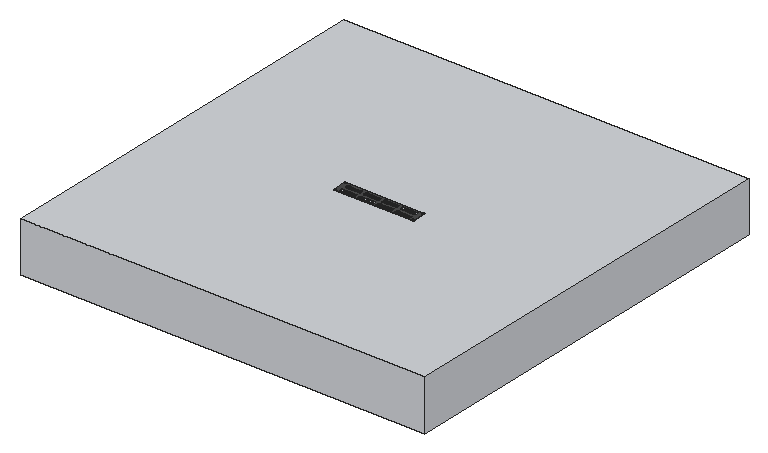
Revit family
Parameters (values of type "Patch Panel-Siemon-MX-PNL-48")
  Weight = 0.90 lbf
  Version = ""
  U/M = "EA"
  U Space = "2"
  System = "ALL OTHER"
  Serial Number = "MX-PNL-48"
  Segment = "FIBER"
  Product Page URL = ""
  Product Documentation Link = ""
  Ports = 48
  Model = "MAX PATCH PANEL"
  Metal = Metal-Siemon-Annodized-Aluminum
  Manufacturer = "SIEMON"
  Loaded/Empty = "N/A"
  Item Group = "PATCH PANELS"
  Item Class = "GG"
  Description = "48 PORT MAX PATCH PANEL 2RMS"
  Default Elevation = 1219.2 mm
  Color = "BLACK"
  Assembly Code = ""
Reference planes
  plane 1 "Center (Front/Back)": y = 0
  plane 2: z = 0
  plane 3 "Center (Left/Right)": x = 0
  plane 4: y = 6.2
  plane 5: y = -82.4
  plane 6: x = -241.3
  plane 7: x = 241.3
  plane 8: z = 1.56
  plane 9: x = -209.5
  plane 10: x = 209.6
  plane 11: x = -122.1
  plane 12: x = -98.9
  plane 13: x = -11.5
  plane 14: x = 11.7
  plane 15: x = 99.1
  plane 16: x = 122.3
  plane 17: y = -55.9
  plane 18: y = -75.2
  plane 19: x = -232.8
  plane 20: x = -236.35
  plane 21: x = 232.8
  plane 22: x = 236.35
  plane 23: x = -165.8
  plane 24: y = -65.55
  plane 25: x = -55.2
  plane 26: x = 55.4
  plane 27: x = 166
  plane 28: y = -31
  plane 29: y = -11.7
  plane 30: y = -21.35
Forms (mm)
  Extrusion 1, solid
    sketch origin (0, 0, 0) x (1, 0, 0) y (0, 1, 0)
      loop
        line (-1219.2, 1219.2) -> (-1219.2, -1219.2) -> (1219.2, -1219.2) -> (1219.2, 1219.2) -> (-1219.2, 1219.2)
    from 0 to -304.8
  Extrusion 2, solid, material "Metal-Siemon-Annodized-Aluminum" <- "Metal", detail levels medium+fine
    sketch origin (0, 0, 0) x (1, 0, 0) y (0, 1, 0)
      loop
        line (-241.3, 6.2) -> (-241.3, -82.4) -> (241.3, -82.4) -> (241.3, 6.2) -> (-241.3, 6.2)
      loop
        line (-209.5, -55.9) -> (-209.5, -75.2) -> (-122.1, -75.2) -> (-122.1, -55.9) -> (-209.5, -55.9)
      loop
        line (-98.9, -55.9) -> (-98.9, -75.2) -> (-11.5, -75.2) -> (-11.5, -55.9) -> (-98.9, -55.9)
      loop
        line (11.7, -55.9) -> (11.7, -75.2) -> (99.1, -75.2) -> (99.1, -55.9) -> (11.7, -55.9)
      loop
        line (122.3, -55.9) -> (122.3, -75.2) -> (209.6, -75.2) -> (209.6, -55.9) -> (122.3, -55.9)
      loop
        circle (-232.8, 0) r 3.55
      loop
        circle (-232.8, -76.2) r 3.55
      loop
        circle (232.8, 0) r 3.55
      loop
        circle (232.8, -76.2) r 3.55
      loop
        line (-209.5, -11.7) -> (-209.5, -31) -> (-122.1, -31) -> (-122.1, -11.7) -> (-209.5, -11.7)
      loop
        line (-98.9, -31) -> (-11.5, -31) -> (-11.5, -11.7) -> (-98.9, -11.7) -> (-98.9, -31)
      loop
        line (11.7, -11.7) -> (11.7, -31) -> (99.1, -31) -> (99.1, -11.7) -> (11.7, -11.7)
      loop
        line (122.3, -31) -> (209.6, -31) -> (209.6, -11.7) -> (122.3, -11.7) -> (122.3, -31)
    from 0 to 1.56
  Extrusion 3, solid, detail levels coarse
    sketch origin (0, 0, 0) x (1, 0, 0) y (0, 1, 0)
      loop
        line (-241.3, 6.2) -> (-241.3, -82.4) -> (241.3, -82.4) -> (241.3, 6.2) -> (-241.3, 6.2)
    from 0 to 1.56
Lines and regions (mm)
  Masking region 1
    outline origin (0, 0, 0) x (1, 0, 0) y (0, 1, 0)
      loop
        line (-241.3, 6.2) -> (-241.3, -82.4) -> (241.3, -82.4) -> (241.3, 6.2) -> (-241.3, 6.2)
  Masking region 2
    outline origin (0, 0, 0) x (1, 0, 0) y (0, 0, 1)
      loop
        line (241.3, 0) -> (241.3, 1.56) -> (-241.3, 1.56) -> (-241.3, 0) -> (241.3, 0)
  Masking region 3
    outline origin (0, 0, 0) x (0, 1, 0) y (0, 0, 1)
      loop
        line (6.2, 1.56) -> (-82.4, 1.56) -> (-82.4, 0) -> (6.2, 0) -> (6.2, 1.56)
  symbolic lines, detail levels medium+fine
    curve 1: line (-209.5, -55.9, 0) -> (-122.1, -55.9, 0)
    curve 2: line (-209.5, -75.2, 0) -> (-209.5, -55.9, 0)
    curve 3: line (-122.1, -75.2, 0) -> (-209.5, -75.2, 0)
    curve 4: line (-122.1, -55.9, 0) -> (-122.1, -75.2, 0)
    curve 5: line (-98.9, -55.9, 0) -> (-11.5, -55.9, 0)
    curve 6: line (-98.9, -75.2, 0) -> (-98.9, -55.9, 0)
    curve 7: line (-11.5, -75.2, 0) -> (-98.9, -75.2, 0)
    curve 8: line (-11.5, -55.9, 0) -> (-11.5, -75.2, 0)
    curve 9: line (11.7, -55.9, 0) -> (99.1, -55.9, 0)
    curve 10: line (11.7, -75.2, 0) -> (11.7, -55.9, 0)
    curve 11: line (99.1, -75.2, 0) -> (11.7, -75.2, 0)
    curve 12: line (99.1, -55.9, 0) -> (99.1, -75.2, 0)
    curve 13: line (122.3, -55.9, 0) -> (209.6, -55.9, 0)
    curve 14: line (122.3, -75.2, 0) -> (122.3, -55.9, 0)
    curve 15: line (209.6, -75.2, 0) -> (122.3, -75.2, 0)
    curve 16: line (209.6, -55.9, 0) -> (209.6, -75.2, 0)
    curve 23: line (-209.5, -11.7, 0) -> (-122.1, -11.7, 0)
    curve 24: line (-209.5, -31, 0) -> (-209.5, -11.7, 0)
    curve 25: line (-122.1, -31, 0) -> (-209.5, -31, 0)
    curve 26: line (-122.1, -11.7, 0) -> (-122.1, -31, 0)
    curve 27: line (-98.9, -11.7, 0) -> (-11.5, -11.7, 0)
    curve 28: line (-98.9, -31, 0) -> (-98.9, -11.7, 0)
    curve 29: line (-11.5, -31, 0) -> (-98.9, -31, 0)
    curve 30: line (-11.5, -11.7, 0) -> (-11.5, -31, 0)
    curve 31: line (11.7, -11.7, 0) -> (99.1, -11.7, 0)
    curve 32: line (11.7, -31, 0) -> (11.7, -11.7, 0)
    curve 33: line (99.1, -31, 0) -> (11.7, -31, 0)
    curve 34: line (99.1, -11.7, 0) -> (99.1, -31, 0)
    curve 35: line (122.3, -31, 0) -> (209.6, -31, 0)
    curve 36: line (122.3, -11.7, 0) -> (122.3, -31, 0)
    curve 37: line (209.6, -11.7, 0) -> (122.3, -11.7, 0)
    curve 38: line (209.6, -31, 0) -> (209.6, -11.7, 0)
  symbolic lines, detail levels fine
    curve 17: circle (-232.8, 0, 0) r 3.55 normal (0, 0, 1)
    curve 19: circle (-232.8, -76.2, 0) r 3.55 normal (0, 0, -1)
    curve 21: circle (232.8, 0, 0) r 3.55 normal (0, 0, -1)
    curve 22: circle (232.8, -76.2, 0) r 3.55 normal (0, 0, -1)
  reference lines
    curve 18: arc (-236.35, 0, 0) -> (-235.31, 2.51, 0) -> (-232.8, 3.55, 0) r 3.55
    curve 20: arc (236.35, 0, 0) -> (235.31, 2.51, 0) -> (232.8, 3.55, 0) r 3.55
    curve 39: arc (-236.35, -76.2, 0) -> (-235.31, -78.71, 0) -> (-232.8, -79.75, 0) r 3.55
    curve 40: arc (236.35, -76.2, 0) -> (235.31, -78.71, 0) -> (232.8, -79.75, 0) r 3.55
Dimensions and locks
  locked: plane 1 "Center (Front/Back)" to plane 4 at 6.2
  locked: plane 4 to plane 5 at 88.6
  locked: plane 6 to plane 3 "Center (Left/Right)" at 241.3
  locked: plane 6 to plane 7 at 482.6
  plane 8 to plane 2 = 1.56 mm
  plane 6 to plane 9 to plane 11 to plane 12 to plane 13 to plane 14 to plane 15 to plane 16 to plane 10 = 31.8 mm locked, 87.4 mm locked, 23.2 mm locked, 87.4 mm locked, 23.2 mm locked, 87.4 mm locked, 23.2 mm locked, 87.3 mm locked
  locked: plane 8 to level at 1.56
  locked: plane 9 to plane 23 at 43.7
  locked: plane 17 to plane 24 at 9.65
  locked: plane 12 to plane 25 at 43.7
  locked: plane 14 to plane 26 at 43.7
  locked: plane 16 to plane 27 at 43.7
  plane 17 to plane 18 to plane 5 = 19.3 mm locked, 7.2 mm locked
  locked: plane 29 to plane 30 at 9.65
  aligned and locked: plane 2 to Extrusion 1
  aligned and locked: level to Extrusion 1
  aligned and locked: Extrusion 2 to plane 4
  aligned and locked: Extrusion 2 to plane 5
  aligned and locked: Extrusion 2 to plane 6
  aligned and locked: plane 7 to Extrusion 2
  aligned and locked: Extrusion 2 to level
  aligned and locked: Extrusion 2 to plane 8
  aligned and locked: Extrusion 2 sketch curve to plane 10
  aligned and locked: plane 16 to Extrusion 2 sketch curve
  aligned and locked: Extrusion 2 sketch curve to plane 15  (x2)
  aligned and locked: plane 14 to Extrusion 2 sketch curve  (x2)
  aligned and locked: Extrusion 2 sketch curve to plane 13
  aligned and locked: plane 12 to Extrusion 2 sketch curve
  aligned and locked: Extrusion 2 sketch curve to plane 11  (x2)
  aligned and locked: plane 9 to Extrusion 2 sketch curve  (x2)
  aligned and locked: Extrusion 2 sketch curve to plane 17  (x4)
  aligned and locked: plane 18 to Extrusion 2 sketch curve  (x4)
  aligned and locked: plane 6 to Extrusion 3 sketch curve
  aligned and locked: plane 5 to Extrusion 3 sketch curve
  aligned and locked: Extrusion 3 sketch curve to plane 7
  aligned and locked: Extrusion 3 sketch curve to plane 4
  aligned and locked: Extrusion 3 to plane 2
  aligned and locked: plane 8 to Extrusion 3
  aligned and locked: plane 6 to Masking region 1 sketch curve
  aligned and locked: Masking region 1 sketch curve to plane 4
  aligned and locked: plane 5 to Masking region 1 sketch curve
  aligned and locked: Masking region 1 sketch curve to plane 7
  aligned and locked: plane 16 to curve 14
  aligned and locked: curve 16 to plane 10
  aligned and locked: curve 13 to plane 17
  aligned and locked: plane 18 to curve 15
  aligned and locked: curve 9 to plane 17
  aligned and locked: plane 18 to curve 11
  aligned and locked: curve 5 to plane 17
  aligned and locked: plane 18 to Extrusion 2  (x2)
  aligned and locked: curve 1 to plane 17
  aligned and locked: plane 18 to curve 3
  aligned and locked: plane 9 to curve 2
  aligned and locked: curve 4 to plane 11
  aligned and locked: plane 12 to curve 6
  aligned and locked: curve 8 to plane 13
  aligned and locked: plane 14 to curve 10
  aligned and locked: curve 12 to plane 15
  aligned and locked: plane 16 to Extrusion 2
  aligned and locked: Extrusion 2 to plane 10
  aligned and locked: Extrusion 2 to plane 17
  aligned and locked: plane 1 "Center (Front/Back)" to curve 18
  aligned and locked: plane 19 to curve 18
  aligned and locked: curve 17 to curve 18
  aligned and locked: plane 20 to curve 18
  aligned and locked: plane 21 to curve 20
  aligned and locked: plane 22 to curve 20
  aligned and locked: curve 21 to curve 20
  aligned and locked: Masking region 2 sketch curve to Extrusion 1
  aligned and locked: plane 8 to Masking region 2 sketch curve
  aligned and locked: plane 7 to Masking region 2 sketch curve
  aligned and locked: Masking region 2 sketch curve to plane 6
  aligned and locked: Masking region 3 sketch curve to plane 8
  aligned and locked: Extrusion 1 to Masking region 3 sketch curve
  aligned and locked: plane 5 to Masking region 3 sketch curve
  aligned and locked: Masking region 3 sketch curve to plane 4
  aligned and locked: Extrusion 2 sketch curve to curve 17
  aligned and locked: Extrusion 2 sketch curve to curve 19
  aligned and locked: Extrusion 2 sketch curve to curve 21
  aligned and locked: Extrusion 2 sketch curve to curve 22
  aligned and locked: plane 8 to nested 1
  aligned and locked: nested 1 to plane 23
  aligned: plane 24 to nested 1
  aligned: plane 24 to nested 2
  aligned: plane 24 to nested 3
  aligned: plane 24 to nested 4
  aligned and locked: nested 2 to plane 25
  aligned and locked: nested 3 to plane 26
  aligned and locked: nested 4 to plane 27
  aligned and locked: plane 18 to curve 7
  aligned and locked: curve 35 to plane 28
  aligned and locked: plane 29 to curve 37
  aligned and locked: curve 36 to plane 16
  aligned and locked: plane 10 to curve 38
  aligned and locked: curve 34 to plane 15
  aligned and locked: plane 14 to curve 32
  aligned and locked: plane 28 to curve 33
  aligned and locked: curve 31 to plane 29
  aligned and locked: curve 27 to plane 29
  aligned and locked: plane 28 to curve 29
  aligned and locked: plane 12 to curve 28
  aligned and locked: curve 30 to plane 13
  aligned and locked: curve 26 to plane 11
  aligned and locked: plane 9 to curve 24
  aligned and locked: curve 23 to plane 29
  aligned and locked: plane 28 to curve 25
  aligned and locked: curve 22 to curve 40
  aligned and locked: curve 19 to curve 39
  aligned and locked: plane 30 to nested 1
  aligned and locked: nested 1 to nested 2
  aligned and locked: nested 2 to nested 3
  aligned and locked: nested 3 to nested 4
  aligned and locked: nested 8 to plane 23
  aligned and locked: plane 24 to nested 8
  aligned and locked: nested 8 to nested 7
  aligned and locked: nested 7 to nested 6
  aligned and locked: nested 6 to nested 5
  aligned and locked: nested 5 to plane 27
  aligned and locked: nested 6 to plane 26
  aligned and locked: nested 7 to plane 25
  aligned and locked: plane 10 to Extrusion 2 sketch curve
  aligned and locked: Extrusion 2 sketch curve to plane 28  (x2)
  aligned and locked: Extrusion 2 sketch curve to plane 16
  aligned and locked: plane 29 to Extrusion 2 sketch curve  (x2)
  aligned and locked: Extrusion 2 sketch curve to plane 29  (x2)
  aligned and locked: plane 28 to Extrusion 2 sketch curve  (x2)
  aligned and locked: plane 13 to Extrusion 2 sketch curve
  aligned and locked: Extrusion 2 sketch curve to plane 12
Nested families
  nested 1: "DataPorts" at (-165.8, -21.35, -8.44), type "DataPorts"
  nested 2: "DataPorts" at (-55.2, -21.35, -8.44), type "DataPorts"
  nested 3: "DataPorts" at (55.4, -21.35, -8.44), type "DataPorts"
  nested 4: "DataPorts" at (166, -21.35, -8.44), type "DataPorts"
  nested 5: "DataPorts" at (166, -65.55, -8.44), type "DataPorts"
  nested 6: "DataPorts" at (55.4, -65.55, -8.44), type "DataPorts"
  nested 7: "DataPorts" at (-55.2, -65.55, -8.44), type "DataPorts"
  nested 8: "DataPorts" at (-165.8, -65.55, -8.44), type "DataPorts"
Connectors
  electrical at (-201.842, -21.355, -8.44)
    settings: on nested 1, index 1
  electrical at (-187.429, -21.355, -8.44)
    settings: on nested 1, index 2
  electrical at (-173.016, -21.355, -8.44)
    settings: on nested 1, index 3
  electrical at (-158.604, -21.355, -8.44)
    settings: on nested 1, index 4
  electrical at (-144.191, -21.355, -8.44)
    settings: on nested 1, index 5
  electrical at (-129.778, -21.355, -8.44)
    settings: on nested 1, index 6
  electrical at (-91.242, -21.355, -8.44)
    settings: on nested 2, index 7
  electrical at (-76.829, -21.355, -8.44)
    settings: on nested 2, index 8
  electrical at (-62.416, -21.355, -8.44)
    settings: on nested 2, index 9
  electrical at (-48.004, -21.355, -8.44)
    settings: on nested 2, index 10
  electrical at (-33.591, -21.355, -8.44)
    settings: on nested 2, index 11
  electrical at (-19.178, -21.355, -8.44)
    settings: on nested 2, index 12
  electrical at (19.358, -21.355, -8.44)
    settings: on nested 3, index 13
  electrical at (33.771, -21.355, -8.44)
    settings: on nested 3, index 14
  electrical at (48.184, -21.355, -8.44)
    settings: on nested 3, index 15
  electrical at (62.596, -21.355, -8.44)
    settings: on nested 3, index 16
  electrical at (77.009, -21.355, -8.44)
    settings: on nested 3, index 17
  electrical at (91.422, -21.355, -8.44)
    settings: on nested 3, index 18
  electrical at (129.958, -21.355, -8.44)
    settings: on nested 4, index 19
  electrical at (144.371, -21.355, -8.44)
    settings: on nested 4, index 20
  electrical at (158.784, -21.355, -8.44)
    settings: on nested 4, index 21
  electrical at (173.196, -21.355, -8.44)
    settings: on nested 4, index 22
  electrical at (187.609, -21.355, -8.44)
    settings: on nested 4, index 23
  electrical at (202.022, -21.355, -8.44)
    settings: on nested 4, index 24
  electrical at (-201.842, -65.555, -8.44)
    settings: on nested 8, index 25
  electrical at (-187.429, -65.555, -8.44)
    settings: on nested 8, index 26
  electrical at (-173.016, -65.555, -8.44)
    settings: on nested 8, index 27
  electrical at (-158.604, -65.555, -8.44)
    settings: on nested 8, index 28
  electrical at (-144.191, -65.555, -8.44)
    settings: on nested 8, index 29
  electrical at (-129.778, -65.555, -8.44)
    settings: on nested 8, index 30
  electrical at (-91.242, -65.555, -8.44)
    settings: on nested 7, index 31
  electrical at (-76.829, -65.555, -8.44)
    settings: on nested 7, index 32
  electrical at (-62.416, -65.555, -8.44)
    settings: on nested 7, index 33
  electrical at (-48.004, -65.555, -8.44)
    settings: on nested 7, index 34
  electrical at (-33.591, -65.555, -8.44)
    settings: on nested 7, index 35
  electrical at (-19.178, -65.555, -8.44)
    settings: on nested 7, index 36
  electrical at (19.358, -65.555, -8.44)
    settings: on nested 6, index 37
  electrical at (33.771, -65.555, -8.44)
    settings: on nested 6, index 38
  electrical at (48.184, -65.555, -8.44)
    settings: on nested 6, index 39
  electrical at (62.596, -65.555, -8.44)
    settings: on nested 6, index 40
  electrical at (77.009, -65.555, -8.44)
    settings: on nested 6, index 41
  electrical at (91.422, -65.555, -8.44)
    settings: on nested 6, index 42
  electrical at (129.958, -65.555, -8.44)
    settings: on nested 5, index 43
  electrical at (144.371, -65.555, -8.44)
    settings: on nested 5, index 44
  electrical at (158.784, -65.555, -8.44)
    settings: on nested 5, index 45
  electrical at (173.196, -65.555, -8.44)
    settings: on nested 5, index 46
  electrical at (187.609, -65.555, -8.44)
    settings: on nested 5, index 47
  electrical at (202.022, -65.555, -8.44)
    settings: on nested 5, index 48
Definition of nested family "DataPorts"
  Parameters (values of type "DataPorts")
    Weight = "0.7 kgs (1.5 lbs)"
    UL Rating = "UL 1863"
    U Space / Capacity = "1U"
    Text1 = none
    Text = none
    Part Number = "HD5-24"
    Material = Metal-Siemon-Annodized-Aluminum
    Manufacturer Contact Info / Website = "www.siemon.com"
    Manufacturer = "Siemon"
    Dimensions (H x W x D) = "44.5mm x 483mm x 25mm\r\n(1.75 in. x 19.0 in. x 1.4 in.)"
    Description = "24-port Category 5e Copper Patch Panel"
    Clearance = "50mm (2.0 in.) Front and Rear"
    Assembly Code = ""
  Reference planes
    plane 1 "Center (Front/Back)": y = 0
    plane 2: z = 0
    plane 3 "Center (Left/Right)": x = 0
  Forms (mm)
    Extrusion 1, solid, material "Black Anodized Aluminum", detail levels fine
      sketch origin (-44.118, -25.304, 0) x (1, 0, 0) y (0, 1, 0)
        loop
          line (2.212, 17.018) -> (13.941, 17.018)
          arc (13.941, 17.018) -> (14.821, 17.382) -> (15.185, 18.262) r 1.244
          line (15.185, 18.262) -> (15.185, 32.336)
          arc (15.185, 32.336) -> (14.821, 33.215) -> (13.941, 33.579) r 1.244
          line (13.941, 33.579) -> (2.212, 33.579)
          arc (2.212, 33.579) -> (1.332, 33.215) -> (0.968, 32.336) r 1.244
          line (0.968, 32.336) -> (0.968, 18.262)
          arc (0.968, 18.262) -> (1.332, 17.382) -> (2.212, 17.018) r 1.244
        loop
          line (1.697, 28.29) -> (1.697, 19.582) -> (6.494, 19.582) -> (6.494, 17.474) -> (9.66, 17.474) -> (9.66, 19.582) -> (14.456, 19.582) -> (14.456, 28.29) -> (1.697, 28.29)
        loop
          line (16.625, 17.018) -> (28.354, 17.018)
          arc (28.354, 17.018) -> (29.234, 17.382) -> (29.598, 18.262) r 1.244
          line (29.598, 18.262) -> (29.598, 32.336)
          arc (29.598, 32.336) -> (29.234, 33.215) -> (28.354, 33.579) r 1.244
          line (28.354, 33.579) -> (16.625, 33.579)
          arc (16.625, 33.579) -> (15.745, 33.215) -> (15.381, 32.336) r 1.244
          line (15.381, 32.336) -> (15.381, 18.262)
          arc (15.381, 18.262) -> (15.745, 17.382) -> (16.625, 17.018) r 1.244
        loop
          line (16.11, 28.29) -> (16.11, 19.582) -> (20.906, 19.582) -> (20.906, 17.474) -> (24.072, 17.474) -> (24.072, 19.582) -> (28.869, 19.582) -> (28.869, 28.29) -> (16.11, 28.29)
        loop
          line (31.037, 17.018) -> (42.767, 17.018)
          arc (42.767, 17.018) -> (43.646, 17.382) -> (44.011, 18.262) r 1.244
          line (44.011, 18.262) -> (44.011, 32.336)
          arc (44.011, 32.336) -> (43.646, 33.215) -> (42.767, 33.579) r 1.244
          line (42.767, 33.579) -> (31.037, 33.579)
          arc (31.037, 33.579) -> (30.158, 33.215) -> (29.794, 32.336) r 1.244
          line (29.794, 32.336) -> (29.794, 18.262)
          arc (29.794, 18.262) -> (30.158, 17.382) -> (31.037, 17.018) r 1.244
        loop
          line (30.522, 28.29) -> (30.522, 19.582) -> (35.319, 19.582) -> (35.319, 17.474) -> (38.485, 17.474) -> (38.485, 19.582) -> (43.282, 19.582) -> (43.282, 28.29) -> (30.522, 28.29)
        loop
          line (45.45, 17.018) -> (57.18, 17.018)
          arc (57.18, 17.018) -> (58.059, 17.382) -> (58.423, 18.262) r 1.244
          line (58.423, 18.262) -> (58.423, 32.336)
          arc (58.423, 32.336) -> (58.059, 33.215) -> (57.18, 33.579) r 1.244
          line (57.18, 33.579) -> (45.45, 33.579)
          arc (45.45, 33.579) -> (44.571, 33.215) -> (44.206, 32.336) r 1.244
          line (44.206, 32.336) -> (44.206, 18.262)
          arc (44.206, 18.262) -> (44.571, 17.382) -> (45.45, 17.018) r 1.244
        loop
          line (44.935, 28.29) -> (44.935, 19.582) -> (49.732, 19.582) -> (49.732, 17.474) -> (52.898, 17.474) -> (52.898, 19.582) -> (57.695, 19.582) -> (57.695, 28.29) -> (44.935, 28.29)
        loop
          line (59.863, 17.018) -> (71.592, 17.018)
          arc (71.592, 17.018) -> (72.472, 17.382) -> (72.836, 18.262) r 1.244
          line (72.836, 18.262) -> (72.836, 32.336)
          arc (72.836, 32.336) -> (72.472, 33.215) -> (71.592, 33.579) r 1.244
          line (71.592, 33.579) -> (59.863, 33.579)
          arc (59.863, 33.579) -> (58.983, 33.215) -> (58.619, 32.336) r 1.244
          line (58.619, 32.336) -> (58.619, 18.262)
          arc (58.619, 18.262) -> (58.983, 17.382) -> (59.863, 17.018) r 1.244
        loop
          line (59.348, 28.29) -> (59.348, 19.582) -> (64.145, 19.582) -> (64.145, 17.474) -> (67.311, 17.474) -> (67.311, 19.582) -> (72.107, 19.582) -> (72.107, 28.29) -> (59.348, 28.29)
        loop
          line (74.276, 17.018) -> (86.005, 17.018)
          arc (86.005, 17.018) -> (86.885, 17.382) -> (87.249, 18.262) r 1.244
          line (87.249, 18.262) -> (87.249, 32.336)
          arc (87.249, 32.336) -> (86.885, 33.215) -> (86.005, 33.579) r 1.244
          line (86.005, 33.579) -> (74.276, 33.579)
          arc (74.276, 33.579) -> (73.396, 33.215) -> (73.032, 32.336) r 1.244
          line (73.032, 32.336) -> (73.032, 18.262)
          arc (73.032, 18.262) -> (73.396, 17.382) -> (74.276, 17.018) r 1.244
        loop
          line (73.761, 28.29) -> (73.761, 19.582) -> (78.557, 19.582) -> (78.557, 17.474) -> (81.723, 17.474) -> (81.723, 19.582) -> (86.52, 19.582) -> (86.52, 28.29) -> (73.761, 28.29)
      from 0 to 10
  Lines and regions (mm)
    symbolic lines, detail levels fine
      curve 1: line (-43.15, 7.032, 0) -> (-43.15, -7.042, 0)
      curve 2: arc (-41.907, 8.276, 0) -> (-42.786, 7.911, 0) -> (-43.15, 7.032, 0) r 1.244
      curve 3: line (-30.177, 8.276, 0) -> (-41.907, 8.276, 0)
      curve 4: arc (-28.933, 7.032, 0) -> (-29.298, 7.911, 0) -> (-30.177, 8.276, 0) r 1.244
      curve 5: line (-28.933, -7.042, 0) -> (-28.933, 7.032, 0)
      curve 6: arc (-30.177, -8.286, 0) -> (-29.298, -7.921, 0) -> (-28.933, -7.042, 0) r 1.244
      curve 7: line (-41.907, -8.286, 0) -> (-30.177, -8.286, 0)
      curve 8: arc (-43.15, -7.042, 0) -> (-42.786, -7.921, 0) -> (-41.907, -8.286, 0) r 1.244
      curve 9: line (-37.625, -5.722, 0) -> (-42.422, -5.722, 0)
      curve 10: line (-37.625, -7.829, 0) -> (-37.625, -5.722, 0)
      curve 11: line (-34.459, -7.829, 0) -> (-37.625, -7.829, 0)
      curve 12: line (-34.459, -5.722, 0) -> (-34.459, -7.829, 0)
      curve 13: line (-29.662, -5.722, 0) -> (-34.459, -5.722, 0)
      curve 14: line (-29.662, 2.986, 0) -> (-29.662, -5.722, 0)
      curve 15: line (-42.422, 2.986, 0) -> (-29.662, 2.986, 0)
      curve 16: line (-42.422, -5.722, 0) -> (-42.422, 2.986, 0)
      curve 17: line (-28.738, 7.032, 0) -> (-28.738, -7.042, 0)
      curve 18: arc (-27.494, 8.276, 0) -> (-28.373, 7.911, 0) -> (-28.738, 7.032, 0) r 1.244
      curve 19: line (-15.764, 8.276, 0) -> (-27.494, 8.276, 0)
      curve 20: arc (-14.521, 7.032, 0) -> (-14.885, 7.911, 0) -> (-15.764, 8.276, 0) r 1.244
      curve 21: line (-14.521, -7.042, 0) -> (-14.521, 7.032, 0)
      curve 22: arc (-15.764, -8.286, 0) -> (-14.885, -7.921, 0) -> (-14.521, -7.042, 0) r 1.244
      curve 23: line (-27.494, -8.286, 0) -> (-15.764, -8.286, 0)
      curve 24: arc (-28.738, -7.042, 0) -> (-28.373, -7.921, 0) -> (-27.494, -8.286, 0) r 1.244
      curve 25: line (-23.212, -5.722, 0) -> (-28.009, -5.722, 0)
      curve 26: line (-23.212, -7.829, 0) -> (-23.212, -5.722, 0)
      curve 27: line (-20.046, -7.829, 0) -> (-23.212, -7.829, 0)
      curve 28: line (-20.046, -5.722, 0) -> (-20.046, -7.829, 0)
      curve 29: line (-15.249, -5.722, 0) -> (-20.046, -5.722, 0)
      curve 30: line (-15.249, 2.986, 0) -> (-15.249, -5.722, 0)
      curve 31: line (-28.009, 2.986, 0) -> (-15.249, 2.986, 0)
      curve 32: line (-28.009, -5.722, 0) -> (-28.009, 2.986, 0)
      curve 33: line (-14.325, 7.032, 0) -> (-14.325, -7.042, 0)
      curve 34: arc (-13.081, 8.276, 0) -> (-13.961, 7.911, 0) -> (-14.325, 7.032, 0) r 1.244
      curve 35: line (-1.352, 8.276, 0) -> (-13.081, 8.276, 0)
      curve 36: arc (-0.108, 7.032, 0) -> (-0.472, 7.911, 0) -> (-1.352, 8.276, 0) r 1.244
      curve 37: line (-0.108, -7.042, 0) -> (-0.108, 7.032, 0)
      curve 38: arc (-1.352, -8.286, 0) -> (-0.472, -7.921, 0) -> (-0.108, -7.042, 0) r 1.244
      curve 39: line (-13.081, -8.286, 0) -> (-1.352, -8.286, 0)
      curve 40: arc (-14.325, -7.042, 0) -> (-13.961, -7.921, 0) -> (-13.081, -8.286, 0) r 1.244
      curve 41: line (-8.799, -5.722, 0) -> (-13.596, -5.722, 0)
      curve 42: line (-8.799, -7.829, 0) -> (-8.799, -5.722, 0)
      curve 43: line (-5.633, -7.829, 0) -> (-8.799, -7.829, 0)
      curve 44: line (-5.633, -5.722, 0) -> (-5.633, -7.829, 0)
      curve 45: line (-0.837, -5.722, 0) -> (-5.633, -5.722, 0)
      curve 46: line (-0.837, 2.986, 0) -> (-0.837, -5.722, 0)
      curve 47: line (-13.596, 2.986, 0) -> (-0.837, 2.986, 0)
      curve 48: line (-13.596, -5.722, 0) -> (-13.596, 2.986, 0)
      curve 49: line (0.088, 7.032, 0) -> (0.088, -7.042, 0)
      curve 50: arc (1.332, 8.276, 0) -> (0.452, 7.911, 0) -> (0.088, 7.032, 0) r 1.244
      curve 51: line (13.061, 8.276, 0) -> (1.332, 8.276, 0)
      curve 52: arc (14.305, 7.032, 0) -> (13.941, 7.911, 0) -> (13.061, 8.276, 0) r 1.244
      curve 53: line (14.305, -7.042, 0) -> (14.305, 7.032, 0)
      curve 54: arc (13.061, -8.286, 0) -> (13.941, -7.921, 0) -> (14.305, -7.042, 0) r 1.244
      curve 55: line (1.332, -8.286, 0) -> (13.061, -8.286, 0)
      curve 56: arc (0.088, -7.042, 0) -> (0.452, -7.921, 0) -> (1.332, -8.286, 0) r 1.244
      curve 57: line (5.613, -5.722, 0) -> (0.817, -5.722, 0)
      curve 58: line (5.613, -7.829, 0) -> (5.613, -5.722, 0)
      curve 59: line (8.779, -7.829, 0) -> (5.613, -7.829, 0)
      curve 60: line (8.779, -5.722, 0) -> (8.779, -7.829, 0)
      curve 61: line (13.576, -5.722, 0) -> (8.779, -5.722, 0)
      curve 62: line (13.576, 2.986, 0) -> (13.576, -5.722, 0)
      curve 63: line (0.817, 2.986, 0) -> (13.576, 2.986, 0)
      curve 64: line (0.817, -5.722, 0) -> (0.817, 2.986, 0)
      curve 65: line (14.501, 7.032, 0) -> (14.501, -7.042, 0)
      curve 66: arc (15.744, 8.276, 0) -> (14.865, 7.911, 0) -> (14.501, 7.032, 0) r 1.244
      curve 67: line (27.474, 8.276, 0) -> (15.744, 8.276, 0)
      curve 68: arc (28.718, 7.032, 0) -> (28.353, 7.911, 0) -> (27.474, 8.276, 0) r 1.244
      curve 69: line (28.718, -7.042, 0) -> (28.718, 7.032, 0)
      curve 70: arc (27.474, -8.286, 0) -> (28.353, -7.921, 0) -> (28.718, -7.042, 0) r 1.244
      curve 71: line (15.744, -8.286, 0) -> (27.474, -8.286, 0)
      curve 72: arc (14.501, -7.042, 0) -> (14.865, -7.921, 0) -> (15.744, -8.286, 0) r 1.244
      curve 73: line (20.026, -5.722, 0) -> (15.229, -5.722, 0)
      curve 74: line (20.026, -7.829, 0) -> (20.026, -5.722, 0)
      curve 75: line (23.192, -7.829, 0) -> (20.026, -7.829, 0)
      curve 76: line (23.192, -5.722, 0) -> (23.192, -7.829, 0)
      curve 77: line (27.989, -5.722, 0) -> (23.192, -5.722, 0)
      curve 78: line (27.989, 2.986, 0) -> (27.989, -5.722, 0)
      curve 79: line (15.229, 2.986, 0) -> (27.989, 2.986, 0)
      curve 80: line (15.229, -5.722, 0) -> (15.229, 2.986, 0)
      curve 81: line (28.913, 7.032, 0) -> (28.913, -7.042, 0)
      curve 82: arc (30.157, 8.276, 0) -> (29.278, 7.911, 0) -> (28.913, 7.032, 0) r 1.244
      curve 83: line (41.887, 8.276, 0) -> (30.157, 8.276, 0)
      curve 84: arc (43.13, 7.032, 0) -> (42.766, 7.911, 0) -> (41.887, 8.276, 0) r 1.244
      curve 85: line (43.13, -7.042, 0) -> (43.13, 7.032, 0)
      curve 86: arc (41.887, -8.286, 0) -> (42.766, -7.921, 0) -> (43.13, -7.042, 0) r 1.244
      curve 87: line (30.157, -8.286, 0) -> (41.887, -8.286, 0)
      curve 88: arc (28.913, -7.042, 0) -> (29.278, -7.921, 0) -> (30.157, -8.286, 0) r 1.244
      curve 89: line (34.439, -5.722, 0) -> (29.642, -5.722, 0)
      curve 90: line (34.439, -7.829, 0) -> (34.439, -5.722, 0)
      curve 91: line (37.605, -7.829, 0) -> (34.439, -7.829, 0)
      curve 92: line (37.605, -5.722, 0) -> (37.605, -7.829, 0)
      curve 93: line (42.402, -5.722, 0) -> (37.605, -5.722, 0)
      curve 94: line (42.402, 2.986, 0) -> (42.402, -5.722, 0)
      curve 95: line (29.642, 2.986, 0) -> (42.402, 2.986, 0)
      curve 96: line (29.642, -5.722, 0) -> (29.642, 2.986, 0)
  Dimensions and locks
    aligned and locked: curve 1 to Extrusion 1
    aligned and locked: curve 2 to Extrusion 1
    aligned and locked: curve 3 to Extrusion 1
    aligned and locked: curve 4 to Extrusion 1
    aligned and locked: curve 5 to Extrusion 1
    aligned and locked: curve 6 to Extrusion 1
    aligned and locked: curve 7 to Extrusion 1
    aligned and locked: curve 8 to Extrusion 1
    aligned and locked: curve 9 to Extrusion 1
    aligned and locked: curve 10 to Extrusion 1
    aligned and locked: curve 11 to Extrusion 1
    aligned and locked: curve 12 to Extrusion 1
    aligned and locked: curve 13 to Extrusion 1
    aligned and locked: curve 14 to Extrusion 1
    aligned and locked: curve 15 to Extrusion 1
    aligned and locked: curve 16 to Extrusion 1
